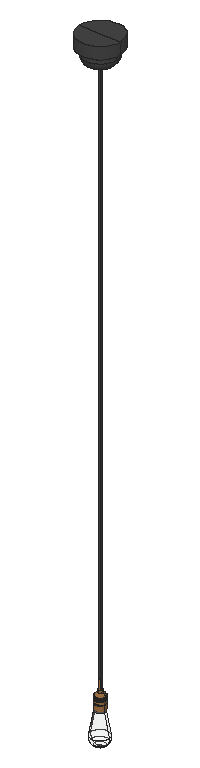
Revit family "SPO-AB MB", category Lighting Fixtures, Revit 2020 (continued)
Definition of nested family "SPO-AB"
  Definition of nested family "SPO-AB HOLDER"
    Automatic sketch dimensions
      plane 1 "Center (Front/Back)" to Extrusion 13 sketch curve = 0' - 0.01316"
      Extrusion 13 sketch curve to plane 6 = 0' - 0.0237"
      Extrusion 14 sketch curve to plane 6 = 0' - 0.02675"
      plane 1 "Center (Front/Back)" to Extrusion 14 sketch curve = 0' - 0.06414"
      Extrusion 15 sketch curve to plane 6 = 0' - 0.0338"
      plane 1 "Center (Front/Back)" to Extrusion 15 sketch curve = 0' - 0.11473"
      Extrusion 16 sketch curve to plane 6 = 0' - 0.04481"
      plane 1 "Center (Front/Back)" to Extrusion 16 sketch curve = 0' - 0.1646"
      Extrusion 17 sketch curve to plane 6 = 0' - 0.05971"
      plane 1 "Center (Front/Back)" to Extrusion 17 sketch curve = 0' - 0.21345"
      Extrusion 18 sketch curve to plane 6 = 0' - 0.07842"
      plane 1 "Center (Front/Back)" to Extrusion 18 sketch curve = 0' - 0.26098"
      Extrusion 19 sketch curve to plane 6 = 0' - 0.1008"
      plane 1 "Center (Front/Back)" to Extrusion 19 sketch curve = 0' - 0.30689"
      Extrusion 20 sketch curve to plane 6 = 0' - 0.12674"
      plane 1 "Center (Front/Back)" to Extrusion 20 sketch curve = 0' - 0.35089"
      Extrusion 21 sketch curve to plane 6 = 0' - 0.15605"
      plane 1 "Center (Front/Back)" to Extrusion 21 sketch curve = 0' - 0.39272"
      Extrusion 22 sketch curve to plane 6 = 0' - 0.18857"
      plane 1 "Center (Front/Back)" to Extrusion 22 sketch curve = 0' - 0.4321"
      Extrusion 23 sketch curve to plane 6 = 0' - 0.22408"
      plane 1 "Center (Front/Back)" to Extrusion 23 sketch curve = 0' - 0.46881"
      Extrusion 24 sketch curve to plane 6 = 0' - 0.26238"
      plane 1 "Center (Front/Back)" to Extrusion 24 sketch curve = 0' - 0.50261"
      Extrusion 25 sketch curve to plane 6 = 0' - 0.30321"
      plane 1 "Center (Front/Back)" to Extrusion 25 sketch curve = 0' - 0.53328"
      plane 3 "Center (Left/Right)" to Extrusion 26 sketch curve = 0' - 0.32554"
      plane 1 "Center (Front/Back)" to Extrusion 26 sketch curve = 0' - 0.56065"
      plane 3 "Center (Left/Right)" to Extrusion 27 sketch curve = 0' - 0.28039"
      plane 1 "Center (Front/Back)" to Extrusion 27 sketch curve = 0' - 0.58454"
      plane 3 "Center (Left/Right)" to Extrusion 28 sketch curve = 0' - 0.23351"
      plane 1 "Center (Front/Back)" to Extrusion 28 sketch curve = 0' - 0.6048"
      plane 3 "Center (Left/Right)" to Extrusion 29 sketch curve = 0' - 0.18517"
      plane 1 "Center (Front/Back)" to Extrusion 29 sketch curve = 0' - 0.6213"
      plane 3 "Center (Left/Right)" to Extrusion 30 sketch curve = 0' - 0.13569"
      plane 1 "Center (Front/Back)" to Extrusion 30 sketch curve = 0' - 0.63395"
      plane 3 "Center (Left/Right)" to Extrusion 31 sketch curve = 0' - 0.08536"
      plane 1 "Center (Front/Back)" to Extrusion 31 sketch curve = 0' - 0.64266"
      plane 3 "Center (Left/Right)" to Extrusion 32 sketch curve = 0' - 0.0345"
      plane 1 "Center (Front/Back)" to Extrusion 32 sketch curve = 0' - 0.64739"
      Extrusion 33 sketch curve to plane 3 "Center (Left/Right)" = 0' - 0.01657"
      plane 1 "Center (Front/Back)" to Extrusion 33 sketch curve = 0' - 0.6481"
      Extrusion 34 sketch curve to plane 3 "Center (Left/Right)" = 0' - 0.06753"
      plane 1 "Center (Front/Back)" to Extrusion 34 sketch curve = 0' - 0.64478"
      Extrusion 35 sketch curve to plane 3 "Center (Left/Right)" = 0' - 0.11808"
      plane 1 "Center (Front/Back)" to Extrusion 35 sketch curve = 0' - 0.63746"
      Extrusion 36 sketch curve to plane 3 "Center (Left/Right)" = 0' - 0.1679"
      plane 1 "Center (Front/Back)" to Extrusion 36 sketch curve = 0' - 0.62619"
      Extrusion 37 sketch curve to plane 3 "Center (Left/Right)" = 0' - 0.21667"
      plane 1 "Center (Front/Back)" to Extrusion 37 sketch curve = 0' - 0.61103"
      Extrusion 38 sketch curve to plane 3 "Center (Left/Right)" = 0' - 0.2641"
      plane 1 "Center (Front/Back)" to Extrusion 38 sketch curve = 0' - 0.59208"
      Extrusion 39 sketch curve to plane 3 "Center (Left/Right)" = 0' - 0.30989"
      plane 1 "Center (Front/Back)" to Extrusion 39 sketch curve = 0' - 0.56945"
      plane 5 to Extrusion 40 sketch curve = 0' - 0.31812"
      plane 1 "Center (Front/Back)" to Extrusion 40 sketch curve = 0' - 0.54329"
      plane 5 to Extrusion 41 sketch curve = 0' - 0.27645"
      plane 1 "Center (Front/Back)" to Extrusion 41 sketch curve = 0' - 0.51375"
      plane 5 to Extrusion 42 sketch curve = 0' - 0.23723"
      plane 1 "Center (Front/Back)" to Extrusion 42 sketch curve = 0' - 0.48103"
      plane 5 to Extrusion 43 sketch curve = 0' - 0.20071"
      plane 1 "Center (Front/Back)" to Extrusion 43 sketch curve = 0' - 0 57/128"
      plane 5 to Extrusion 44 sketch curve = 0' - 0.16712"
      plane 1 "Center (Front/Back)" to Extrusion 44 sketch curve = 0' - 0.40685"
      plane 5 to Extrusion 45 sketch curve = 0' - 0.13666"
      plane 1 "Center (Front/Back)" to Extrusion 45 sketch curve = 0' - 0.36585"
      plane 5 to Extrusion 46 sketch curve = 0' - 0.10952"
      plane 1 "Center (Front/Back)" to Extrusion 46 sketch curve = 0' - 0.32258"
      plane 5 to Extrusion 47 sketch curve = 0' - 0.08587"
      plane 1 "Center (Front/Back)" to Extrusion 47 sketch curve = 0' - 0.27731"
      plane 5 to Extrusion 48 sketch curve = 0' - 0.06586"
      plane 1 "Center (Front/Back)" to Extrusion 48 sketch curve = 0' - 0.23032"
      plane 5 to Extrusion 49 sketch curve = 0' - 0.04961"
      plane 1 "Center (Front/Back)" to Extrusion 49 sketch curve = 0' - 0.1819"
      plane 5 to Extrusion 50 sketch curve = 0' - 0.03722"
      plane 1 "Center (Front/Back)" to Extrusion 50 sketch curve = 0' - 0.13235"
      plane 5 to Extrusion 51 sketch curve = 0' - 0.02877"
      plane 1 "Center (Front/Back)" to Extrusion 51 sketch curve = 0' - 0.08198"
      plane 5 to Extrusion 52 sketch curve = 0' - 0.02431"
      plane 1 "Center (Front/Back)" to Extrusion 52 sketch curve = 0' - 0.0311"
      Extrusion 53 sketch curve to plane 1 "Center (Front/Back)" = 0' - 0.01998"
      plane 5 to Extrusion 53 sketch curve = 0' - 0.02388"
      plane 5 to Extrusion 54 sketch curve = 0' - 0.02746"
      Extrusion 54 sketch curve to plane 1 "Center (Front/Back)" = 0' - 0.07093"
      plane 5 to Extrusion 55 sketch curve = 0' - 0.03504"
      Extrusion 55 sketch curve to plane 1 "Center (Front/Back)" = 0' - 0.12144"
      plane 5 to Extrusion 56 sketch curve = 0' - 0.04658"
      Extrusion 56 sketch curve to plane 1 "Center (Front/Back)" = 0' - 0.17119"
      plane 5 to Extrusion 57 sketch curve = 0' - 0.062"
      Extrusion 57 sketch curve to plane 1 "Center (Front/Back)" = 0' - 0.21988"
      plane 5 to Extrusion 58 sketch curve = 0' - 0.0812"
      Extrusion 58 sketch curve to plane 1 "Center (Front/Back)" = 0' - 0.26721"
      plane 5 to Extrusion 59 sketch curve = 0' - 0.10407"
      Extrusion 59 sketch curve to plane 1 "Center (Front/Back)" = 0' - 0.31288"
      plane 5 to Extrusion 60 sketch curve = 0' - 0.13046"
      Extrusion 60 sketch curve to plane 1 "Center (Front/Back)" = 0' - 0.35661"
      plane 5 to Extrusion 61 sketch curve = 0' - 0.16021"
      Extrusion 61 sketch curve to plane 1 "Center (Front/Back)" = 0' - 0.39812"
      plane 5 to Extrusion 62 sketch curve = 0' - 0.19314"
      Extrusion 62 sketch curve to plane 1 "Center (Front/Back)" = 0' - 0.43717"
      plane 5 to Extrusion 63 sketch curve = 0' - 0.22904"
      Extrusion 63 sketch curve to plane 1 "Center (Front/Back)" = 0' - 0.4735"
      plane 5 to Extrusion 64 sketch curve = 0' - 0.26769"
      Extrusion 64 sketch curve to plane 1 "Center (Front/Back)" = 0' - 0.50689"
      plane 5 to Extrusion 65 sketch curve = 0' - 0.30885"
      Extrusion 65 sketch curve to plane 1 "Center (Front/Back)" = 0' - 0.53713"
      Extrusion 66 sketch curve to plane 3 "Center (Left/Right)" = 0' - 0.31962"
      Extrusion 66 sketch curve to plane 1 "Center (Front/Back)" = 0' - 0.56404"
      Extrusion 67 sketch curve to plane 3 "Center (Left/Right)" = 0' - 0.27422"
      Extrusion 67 sketch curve to plane 1 "Center (Front/Back)" = 0' - 0.58746"
      Extrusion 68 sketch curve to plane 3 "Center (Left/Right)" = 0' - 0.22713"
      Extrusion 68 sketch curve to plane 1 "Center (Front/Back)" = 0' - 0.60722"
      Extrusion 69 sketch curve to plane 3 "Center (Left/Right)" = 0' - 0.17862"
      Extrusion 69 sketch curve to plane 1 "Center (Front/Back)" = 0' - 0.62321"
      Extrusion 70 sketch curve to plane 3 "Center (Left/Right)" = 0' - 0.12901"
      Extrusion 70 sketch curve to plane 1 "Center (Front/Back)" = 0' - 0.63534"
      Extrusion 71 sketch curve to plane 3 "Center (Left/Right)" = 0' - 0.07859"
      Extrusion 71 sketch curve to plane 1 "Center (Front/Back)" = 0' - 0.64353"
      Extrusion 72 sketch curve to plane 3 "Center (Left/Right)" = 0' - 0.02769"
      Extrusion 72 sketch curve to plane 1 "Center (Front/Back)" = 0' - 0.64772"
      plane 3 "Center (Left/Right)" to Extrusion 73 sketch curve = 0' - 0.02339"
      Extrusion 73 sketch curve to plane 1 "Center (Front/Back)" = 0' - 0.64789"
      plane 3 "Center (Left/Right)" to Extrusion 74 sketch curve = 0' - 0.07432"
      Extrusion 74 sketch curve to plane 1 "Center (Front/Back)" = 0' - 0.64403"
      plane 3 "Center (Left/Right)" to Extrusion 75 sketch curve = 0' - 0.12479"
      Extrusion 75 sketch curve to plane 1 "Center (Front/Back)" = 0' - 0.63618"
      plane 3 "Center (Left/Right)" to Extrusion 76 sketch curve = 0' - 0.17448"
      Extrusion 76 sketch curve to plane 1 "Center (Front/Back)" = 0' - 0.62439"
      plane 3 "Center (Left/Right)" to Extrusion 77 sketch curve = 0' - 0.22309"
      Extrusion 77 sketch curve to plane 1 "Center (Front/Back)" = 0' - 0.60871"
      plane 3 "Center (Left/Right)" to Extrusion 78 sketch curve = 0' - 0.27032"
      Extrusion 78 sketch curve to plane 1 "Center (Front/Back)" = 0' - 0.58926"
      plane 3 "Center (Left/Right)" to Extrusion 79 sketch curve = 0' - 0.31587"
      Extrusion 79 sketch curve to plane 1 "Center (Front/Back)" = 0' - 0.56616"
      Extrusion 80 sketch curve to plane 6 = 0' - 0.31242"
      Extrusion 80 sketch curve to plane 1 "Center (Front/Back)" = 0' - 0.53953"
      Extrusion 81 sketch curve to plane 6 = 0' - 0.27106"
      Extrusion 81 sketch curve to plane 1 "Center (Front/Back)" = 0' - 0.50956"
      Extrusion 82 sketch curve to plane 6 = 0' - 0.23219"
      Extrusion 82 sketch curve to plane 1 "Center (Front/Back)" = 0' - 0.47643"
      radius of Extrusion 1 sketch curve = 0' - 0.1524"
  Definition of nested family "light"
    Parameters
      SPB [instance] = yes
      GLASS = none
      Default Elevation = 0' - 0"
      Body [instance] = none
    Reference planes (in)
      plane 1 "Center (Front/Back)": y = 0
      plane 2: z = 0
      plane 3 "Center (Left/Right)": x = 0
      plane 4: z = 3
      plane 5: x = 0.75
      plane 6: x = -0.75
    Forms (in)
      Revolve 1, solid, material <- "GLASS"
        sketch origin (0, 0, -0.00124) x (1, 0, 0) y (0, 0, 1)
          loop
            line (0, 0.00124) -> (-0.47169, 0.00124)
            arc (-0.47169, 0.00124) -> (-0.59465, -0.08077) -> (-0.64543, -0.21957) r 0.23785
            line (-0.64543, -0.21957) -> (-1.18272, -3.03558)
            arc (-1.18272, -3.03558) -> (-1.18535, -3.41114) -> (-1.05444, -3.76315) r 1.04013
            arc (-1.05444, -3.76315) -> (-0.89651, -3.966) -> (-0.69365, -4.12393) r 1.04013
            arc (-0.69365, -4.12393) -> (-0.44112, -4.23419) -> (-0.17715, -4.31325) r 2.2844
            line (-0.17715, -4.31325) -> (-0.02963, -4.36987)
            arc (-0.02963, -4.36987) -> (-0.01545, -4.37654) -> (0, -4.37915) r 0.05766
            line (0, -4.37915) -> (0, -4.34756) -> (-0.27212, -4.27661)
            arc (-0.27212, -4.27661) -> (-0.48406, -4.20538) -> (-0.68798, -4.11367) r 2.27268
            arc (-0.68798, -4.11367) -> (-0.88836, -3.95758) -> (-1.04437, -3.75715) r 1.02841
            arc (-1.04437, -3.75715) -> (-1.17381, -3.4091) -> (-1.17121, -3.03778) r 1.02841
            line (-1.17121, -3.03778) -> (-0.63375, -0.22087)
            arc (-0.63375, -0.22087) -> (-0.60139, -0.11111) -> (-0.51945, -0.03125) r 0.22613
            line (-0.51945, -0.03125) -> (0, -0.03125) -> (0, 0.00124)
          axis (0, 0.00124) -> (0, -4.37915)
        angle from 0 to 360
    Dimensions and locks (in)
      aligned and locked: plane 2 to level
      aligned and locked: Revolve 1 to level
Definition of nested family "E6 26 INCH"
  Parameters (values of type "E6 26 INCH")
    URL = ""
    Placement X axis side [instance] = 2' - 2"
    Model = ""
    Manufacturer = ""
    Light Elevation [instance] = 8' - 4"
    E 6 26 inch [instance] = yes
    Default Elevation = 0' - 0"
    Chain Length [instance] = 0' - 0"
    Body Material [instance] = none
  Reference planes (in)
    plane 1 "Light Source Axis (F/B)": y = 0
    plane 2: z = 0
    plane 3 "Light Source Axis (L/R)": x = 0
    plane 4 "Light Source Elevation": z = 23.125
    plane 5: z = 100
    plane 6: x = -26
    plane 7: z = 99.125
    plane 8: x = -24.12
    plane 9: x = -25.5474
  Forms (in)
    Extrusion 1, void, not visible
      sketch origin (0, 0, 2.38154) x (1, 0, 0) y (0, 0, 1)
        loop
          circle (0, 4.59925) r 0.16583
      from 1.18594 to 1.75
    Extrusion 2, void, not visible
      sketch origin (0, 0, 2.38154) x (0.707107, -0.707107, 0) y (0, 0, 1)
        loop
          circle (0, 4.59925) r 0.16583
      from 1.18594 to 1.75
    Extrusion 3, void, not visible
      sketch origin (0, 0, 2.38154) x (0.707107, 0.707107, 0) y (0, 0, 1)
        loop
          circle (0, 4.59925) r 0.16583
      from 1.18594 to 1.75
    Extrusion 4, void, not visible
      sketch origin (0, 0, 2.38154) x (0, 1, 0) y (0, 0, 1)
        loop
          circle (0, 4.59925) r 0.16583
      from 1.18594 to 1.75
    Extrusion 5, void, not visible
      sketch origin (0, 0, 2.38154) x (-0.707107, 0.707107, 0) y (0, 0, 1)
        loop
          circle (0, 4.59925) r 0.16583
      from 1.18594 to 1.75
    Extrusion 6, void, not visible
      sketch origin (0, 0, 2.38154) x (-1, 0, 0) y (0, 0, 1)
        loop
          circle (0, 4.59925) r 0.20678
      from 1.18594 to 1.75
    Extrusion 7, void, not visible
      sketch origin (0, 0, 2.38154) x (-0.707107, -0.707107, 0) y (0, 0, 1)
        loop
          circle (0, 4.59925) r 0.16583
      from 1.18594 to 1.75
    Extrusion 8, void, not visible
      sketch origin (0, 0, 2.38154) x (0, -1, 0) y (0, 0, 1)
        loop
          circle (0, 4.59925) r 0.16583
      from 1.18594 to 1.75
    Sweep 9, solid, material <- "Body Material", visible <- "E 6 26 inch"
      path origin (-41.25, 0, 168.51693) x (1, 0, 0) y (0, 0, 1)
        loop
          line (17.13, -68.51693) -> (27.68551, -68.51693)
          arc (27.68551, -68.51693) -> (28.47996, -68.34486) -> (29.13202, -67.8595) r 1.92004
          line (29.13202, -67.8595) -> (34.23651, -62.01155)
          arc (34.23651, -62.01155) -> (38.65464, -60.89667) -> (41.25, -64.64193) r 4
          line (41.25, -64.64193) -> (41.25, -69.39193)
      profile origin (-18.84224, 0, 100) x (0, 0, 1) y (0, -1, 0)
        loop
          circle (0, 0) r 0.5
    Revolve 10, solid, material <- "Body Material", visible <- "E 6 26 inch"
      sketch origin (-26, 0, 168.51693) x (1, 0, 0) y (0, 0, 1)
        loop
          line (0, -66.07943) -> (0, -68.51693) -> (1.88, -68.51693) -> (1.88, -67.69272) -> (0.4526, -67.69272) -> (0.4526, -66.54122) -> (0.33125, -66.54122) -> (0.33125, -66.07943) -> (0, -66.07943)
        axis (0, -68.51693) -> (1.88, -68.51693)
      angle from 0 to 360
    Extrusion 11, solid, material <- "Body Material", visible <- "E 6 26 inch"
      sketch origin (-26, 0, 168.51693) x (0, -1, 0) y (0, 0, -1)
        loop
          line (0.25, 68.51693) -> (0.25, 69.51693) -> (-0.25, 69.51693) -> (-0.25, 68.51693) -> (0.25, 68.51693)
      from 0.4526 to 1.88
  Cuts and joins
    joined: Revolve 10, Extrusion 11
  Dimensions and locks (in)
    "Light Elevation": plane 5 to plane 2
    "Placement X axis side": plane 3 "Light Source Axis (L/R)" to plane 6
    locked: plane 5 to plane 7 at 0.875
    Revolve 10 sketch curve to Revolve 10 sketch curve to Revolve 10 sketch curve to plane 6 = 0' - 1.4274" locked, 0' - 0.12135" locked, 0' - 0.33125" locked
    Revolve 10 sketch curve to Revolve 10 sketch curve to Revolve 10 sketch curve to plane 5 = 0' - 0.46179" locked, 0' - 1.1515" locked, 0' - 0 211/256" locked
    locked: Sweep 9 sketch curve to plane 6 at 1.88
    locked: Sweep 9 sketch curve to Sweep 9 sketch curve at 10.55551
    locked: Sweep 9 sketch curve to Sweep 9 sketch curve at 13.56449
    locked: Sweep 9 sketch curve to Sweep 9 sketch curve at 4.75
    locked: plane 9 to plane 6 at 0.4526
    locked: plane 8 to plane 9 at 1.4274
    aligned and locked: level to plane 2
    aligned and locked: Revolve 10 sketch curve to plane 6
    aligned and locked: plane 5 to Revolve 10 sketch curve
    aligned and locked: Revolve 10 sketch curve to plane 5
    aligned and locked: cut or joined group of Revolve 10, Extrusion 11 to plane 9
    aligned and locked: plane 8 to cut or joined group of Revolve 10, Extrusion 11
  Automatic sketch dimensions
    Sweep 9 sketch curve to plane 5 = 0' - 0"
    Sweep 9 sketch curve to Sweep 9 sketch curve = 0' - 4"
    Sweep 9 sketch curve to Sweep 9 sketch curve = 0' - 3.01349"
    plane 5 to Sweep 9 sketch curve = 0' - 0.65743"
    Sweep 9 sketch curve to Sweep 9 sketch curve = 0' - 1.4465"
    Sweep 9 sketch curve to plane 5 = 0' - 0 7/8"
    profile plane to Sweep 9 sketch curve = 0' - 0"
    Sweep 9 sketch curve to profile plane = 0' - 0"
    plane 6 to Revolve 10 sketch curve = 0' - 0.62562"
    Revolve 10 sketch curve to Revolve 10 sketch curve = 0' - 0 1/2"
    Extrusion 11 sketch curve to plane 5 = 0' - 0"
    plane 1 "Light Source Axis (F/B)" to Extrusion 11 sketch curve = 0' - 0 1/4"
    Extrusion 11 sketch curve to plane 1 "Light Source Axis (F/B)" = 0' - 0 1/4"
    plane 5 to Extrusion 11 sketch curve = 0' - 1"
    radius of Sweep 9 sketch curve = 0' - 0 1/2"
Definition of nested family "E7 41 INCH"
  Parameters (values of type "E7 41 INCH")
    URL = ""
    Placement X axis side [instance] = 4' - 2"
    Model = ""
    Manufacturer = ""
    Light Elevation [instance] = 8' - 4"
    E7 41 inch [instance] = yes
    Default Elevation = 0' - 0"
    Chain Length [instance] = 0' - 0"
    Body Material [instance] = none
  Reference planes (in)
    plane 1 "Light Source Axis (F/B)": y = 0
    plane 2: z = 0
    plane 3 "Light Source Axis (L/R)": x = 0
    plane 4 "Light Source Elevation": z = 23.125
    plane 5: z = 100
    plane 6: x = -50
  Forms (in)
    Extrusion 1, void, not visible
      sketch origin (0, 0, 2.38154) x (1, 0, 0) y (0, 0, 1)
        loop
          circle (0, 4.59925) r 0.16583
      from 1.18594 to 1.75
    Extrusion 2, void, not visible
      sketch origin (0, 0, 2.38154) x (0.707107, -0.707107, 0) y (0, 0, 1)
        loop
          circle (0, 4.59925) r 0.16583
      from 1.18594 to 1.75
    Extrusion 3, void, not visible
      sketch origin (0, 0, 2.38154) x (0.707107, 0.707107, 0) y (0, 0, 1)
        loop
          circle (0, 4.59925) r 0.16583
      from 1.18594 to 1.75
    Extrusion 4, void, not visible
      sketch origin (0, 0, 2.38154) x (0, 1, 0) y (0, 0, 1)
        loop
          circle (0, 4.59925) r 0.16583
      from 1.18594 to 1.75
    Extrusion 5, void, not visible
      sketch origin (0, 0, 2.38154) x (-0.707107, 0.707107, 0) y (0, 0, 1)
        loop
          circle (0, 4.59925) r 0.16583
      from 1.18594 to 1.75
    Extrusion 6, void, not visible
      sketch origin (0, 0, 2.38154) x (-1, 0, 0) y (0, 0, 1)
        loop
          circle (0, 4.59925) r 0.20678
      from 1.18594 to 1.75
    Extrusion 7, void, not visible
      sketch origin (0, 0, 2.38154) x (-0.707107, -0.707107, 0) y (0, 0, 1)
        loop
          circle (0, 4.59925) r 0.16583
      from 1.18594 to 1.75
    Extrusion 8, void, not visible
      sketch origin (0, 0, 2.38154) x (0, -1, 0) y (0, 0, 1)
        loop
          circle (0, 4.59925) r 0.16583
      from 1.18594 to 1.75
    Revolve 9, solid, material <- "Body Material", visible <- "E7 41 inch"
      sketch origin (-41.25, 0, 168.39193) x (1, 0, 0) y (0, 0, 1)
        loop
          line (-8.75, -66.20443) -> (-8.75, -68.51693) -> (-6.87, -68.51693) -> (-6.87, -67.69272) -> (-8.2974, -67.69272) -> (-8.2974, -66.54122) -> (-8.41875, -66.54122) -> (-8.41875, -66.20443) -> (-8.75, -66.20443)
        axis (-8.75, -68.51693) -> (-6.87, -68.51693)
      angle from 0 to 360
    Extrusion 10, solid, material <- "Body Material", visible <- "E7 41 inch"
      sketch origin (-41.25, 0, 168.39193) x (0, -1, 0) y (0, 0, -1)
        loop
          line (0.25, 68.51693) -> (0.25, 69.51693) -> (-0.25, 69.51693) -> (-0.25, 68.51693) -> (0.25, 68.51693)
      from -8.2974 to -6.87
    Sweep 11, solid, material <- "Body Material", visible <- "E7 41 inch"
      path origin (-41.25, 0, 168.39193) x (1, 0, 0) y (0, 0, 1)
        loop
          line (-6.87, -68.51693) -> (16.04011, -68.51693)
          arc (16.04011, -68.51693) -> (17.864, -68.13651) -> (19.38375, -67.0587) r 4.5625
          line (19.38375, -67.0587) -> (24.70217, -61.33018)
          arc (24.70217, -61.33018) -> (29.64465, -60.20324) -> (32.5, -64.39193) r 4.5
          line (32.5, -64.39193) -> (32.5, -68.39193)
      profile origin (-36.66494, 0, 99.875) x (0, 0, 1) y (0, -1, 0)
        loop
          circle (0, 0) r 0.5
  Dimensions and locks (in)
    "Placement X axis side": plane 3 "Light Source Axis (L/R)" to plane 6
    "Light Elevation": plane 5 to plane 2
    locked: Revolve 9 sketch curve to Revolve 9 sketch curve at 0.33125
    locked: Revolve 9 sketch curve to Revolve 9 sketch curve at 0.4526
    locked: Revolve 9 sketch curve to Revolve 9 sketch curve at 1.88
    locked: Revolve 9 sketch curve to Revolve 9 sketch curve at 0.82421
    locked: Revolve 9 sketch curve to Revolve 9 sketch curve at 1.1515
    locked: Revolve 9 sketch curve to Revolve 9 sketch curve at 0.33679
    locked: plane 5 to Revolve 9 sketch curve at 0.125
    locked: Extrusion 10 sketch curve to Extrusion 10 sketch curve at 0.5
    locked: Extrusion 10 sketch curve to Extrusion 10 sketch curve at 1
    locked: plane 5 to Extrusion 10 sketch curve at 0.125
    locked: plane 5 to Sweep 11 sketch curve at 0.125
    locked: Sweep 11 sketch curve to Sweep 11 sketch curve at 39.37
    locked: Sweep 11 sketch curve to Sweep 11 sketch curve at 4
    locked: plane 6 to Extrusion 10 at 0.4526
    locked: Sweep 11 sketch curve to plane 6 at 1.88
    locked: Extrusion 10 to Extrusion 10 at 1.4274
    aligned and locked: plane 2 to level
    aligned and locked: Revolve 9 sketch curve to plane 6
  Automatic sketch dimensions
    Revolve 9 sketch curve to plane 5 = 0' - 0 1/8"
    plane 6 to Revolve 9 sketch curve = 0' - 0.62562"
    Revolve 9 sketch curve to Revolve 9 sketch curve = 0' - 0 1/2"
    plane 1 "Light Source Axis (F/B)" to Extrusion 10 sketch curve = 0' - 0 1/4"
    Sweep 11 sketch curve to plane 5 = 0' - 0"
    Sweep 11 sketch curve to Sweep 11 sketch curve = 0' - 4 1/2"
    Sweep 11 sketch curve to Sweep 11 sketch curve = 0' - 3.29783"
    plane 5 to Sweep 11 sketch curve = 0' - 1.33323"
    Sweep 11 sketch curve to Sweep 11 sketch curve = 0' - 5.31842"
    Sweep 11 sketch curve to Sweep 11 sketch curve = 0' - 3.34364"
    profile plane to Sweep 11 sketch curve = 0' - 0"
    Sweep 11 sketch curve to profile plane = 0' - 0"
    radius of Sweep 11 sketch curve = 0' - 0 1/2"
Definition of nested family "E36 20 INCH"
  Parameters (values of type "E36 20 INCH")
    URL = ""
    Placement X axis side [instance] = 1' - 8 1/4"
    Model = ""
    Manufacturer = ""
    Light Elevation [instance] = 8' - 4"
    E36 20 inch [instance] = yes
    Default Elevation = 0' - 0"
    Chain Length [instance] = 0' - 0"
    Body Material [instance] = none
  Reference planes (in)
    plane 1 "Light Source Axis (F/B)": y = 0
    plane 2: z = 0
    plane 3 "Light Source Axis (L/R)": x = 0
    plane 4 "Light Source Elevation": z = 23.125
    plane 5: z = 99
    plane 6: x = -20.25
    plane 7: z = 100
    plane 8: x = -18.37008
    plane 9: x = -19.79724
  Forms (in)
    Extrusion 1, void, not visible
      sketch origin (0, 0, 2.38154) x (1, 0, 0) y (0, 0, 1)
        loop
          circle (0, 4.59925) r 0.16583
      from 1.18594 to 1.75
    Extrusion 2, void, not visible
      sketch origin (0, 0, 2.38154) x (0.707107, -0.707107, 0) y (0, 0, 1)
        loop
          circle (0, 4.59925) r 0.16583
      from 1.18594 to 1.75
    Extrusion 3, void, not visible
      sketch origin (0, 0, 2.38154) x (0.707107, 0.707107, 0) y (0, 0, 1)
        loop
          circle (0, 4.59925) r 0.16583
      from 1.18594 to 1.75
    Extrusion 4, void, not visible
      sketch origin (0, 0, 2.38154) x (0, 1, 0) y (0, 0, 1)
        loop
          circle (0, 4.59925) r 0.16583
      from 1.18594 to 1.75
    Extrusion 5, void, not visible
      sketch origin (0, 0, 2.38154) x (-0.707107, 0.707107, 0) y (0, 0, 1)
        loop
          circle (0, 4.59925) r 0.16583
      from 1.18594 to 1.75
    Extrusion 6, void, not visible
      sketch origin (0, 0, 2.38154) x (-1, 0, 0) y (0, 0, 1)
        loop
          circle (0, 4.59925) r 0.20678
      from 1.18594 to 1.75
    Extrusion 7, void, not visible
      sketch origin (0, 0, 2.38154) x (-0.707107, -0.707107, 0) y (0, 0, 1)
        loop
          circle (0, 4.59925) r 0.16583
      from 1.18594 to 1.75
    Extrusion 8, void, not visible
      sketch origin (0, 0, 2.38154) x (0, -1, 0) y (0, 0, 1)
        loop
          circle (0, 4.59925) r 0.16583
      from 1.18594 to 1.75
    Sweep 9, solid, material <- "Body Material", visible <- "E36 20 inch"
      path origin (-41.25, 0, 169.51693) x (1, 0, 0) y (0, 0, 1)
        loop
          line (22.88, -69.51693) -> (28.93827, -69.51693)
          arc (28.93827, -69.51693) -> (29.97705, -69.28152) -> (30.81284, -68.62128) r 2.40953
          line (30.81284, -68.62128) -> (34.13807, -64.50378)
          arc (34.13807, -64.50378) -> (38.58272, -63.24548) -> (41.25, -67.01693) r 4
          line (41.25, -67.01693) -> (41.25, -70.51693)
      profile origin (-15.34086, 0, 100) x (0, 0, 1) y (0, -1, 0)
        loop
          circle (0, 0) r 0.5
    Revolve 10, solid, material <- "Body Material", visible <- "E36 20 inch"
      sketch origin (-20.25, 0, 169.51693) x (1, 0, 0) y (0, 0, 1)
        loop
          line (0, -67.20443) -> (0, -69.51693) -> (1.88, -69.51693) -> (1.88, -68.69272) -> (0.4526, -68.69272) -> (0.4526, -67.54122) -> (0.33125, -67.54122) -> (0.33125, -67.20443) -> (0, -67.20443)
        axis (0, -69.51693) -> (1.88, -69.51693)
      angle from 0 to 360
    Extrusion 11, solid, material <- "Body Material", visible <- "E36 20 inch"
      sketch origin (-20.25, 0, 169.51693) x (0, -1, 0) y (0, 0, -1)
        loop
          line (0.25, 69.51693) -> (0.25, 70.51693) -> (-0.25, 70.51693) -> (-0.25, 69.51693) -> (0.25, 69.51693)
      from 1.87992 to 0.45276
  Cuts and joins
    joined: Revolve 10, Extrusion 11
  Dimensions and locks (in)
    "Light Elevation": plane 7 to plane 2
    "Placement X axis side": plane 3 "Light Source Axis (L/R)" to plane 6
    locked: plane 7 to plane 5 at 1
    Revolve 10 sketch curve to Revolve 10 sketch curve to Revolve 10 sketch curve to plane 7 = 0' - 0.33679" locked, 0' - 1.1515" locked, 0' - 0 211/256" locked
    locked: Sweep 9 sketch curve to plane 6 at 1.88
    locked: Sweep 9 sketch curve to Sweep 9 sketch curve at 6.05827
    locked: Sweep 9 sketch curve to Sweep 9 sketch curve at 12.31173
    locked: Sweep 9 sketch curve to Sweep 9 sketch curve at 3.5
    Revolve 10 sketch curve to Revolve 10 sketch curve to Revolve 10 sketch curve to plane 6 = 0' - 1.4274" locked, 0' - 0.12135" locked, 0' - 0.33125" locked
    locked: plane 9 to plane 6 at 0.45276
    locked: plane 8 to plane 9 at 1.42717
    aligned and locked: level to plane 2
    aligned and locked: plane 7 to Revolve 10 sketch curve
    aligned and locked: Revolve 10 sketch curve to plane 7
    aligned and locked: Revolve 10 sketch curve to plane 6
    aligned and locked: cut or joined group of Revolve 10, Extrusion 11 to plane 9
    aligned and locked: plane 8 to cut or joined group of Revolve 10, Extrusion 11
  Automatic sketch dimensions
    Sweep 9 sketch curve to plane 7 = 0' - 0"
    Sweep 9 sketch curve to plane 5 = 0' - 0"
    Sweep 9 sketch curve to Sweep 9 sketch curve = 0' - 4"
    Sweep 9 sketch curve to plane 7 = 0' - 0.89565"
    Sweep 9 sketch curve to Sweep 9 sketch curve = 0' - 3.32523"
    Sweep 9 sketch curve to Sweep 9 sketch curve = 0' - 1.87457"
    profile plane to Sweep 9 sketch curve = 0' - 0"
    Sweep 9 sketch curve to profile plane = 0' - 0"
    plane 6 to Revolve 10 sketch curve = 0' - 0.62562"
    Revolve 10 sketch curve to Revolve 10 sketch curve = 0' - 0 1/2"
    plane 7 to Extrusion 11 sketch curve = 0' - 0"
    Extrusion 11 sketch curve to plane 5 = 0' - 0"
    plane 1 "Light Source Axis (F/B)" to Extrusion 11 sketch curve = 0' - 0 1/4"
    Extrusion 11 sketch curve to plane 1 "Light Source Axis (F/B)" = 0' - 0 1/4"
    radius of Sweep 9 sketch curve = 0' - 0 1/2"
Definition of nested family "POST MOUNT"
  Parameters (values of type "POST MOUNT")
    URL = ""
    Post Mount [instance] = yes
    Placement X axis side [instance] = 2' - 2 1/2"
    Model = ""
    Manufacturer = ""
    Light Elevation [instance] = 14' - 0.5168"
    Default Elevation = 0' - 0"
    Chain Length [instance] = 0' - 0"
    Body Material [instance] = none
  Reference planes (in)
    plane 1 "Light Source Axis (F/B)": y = 0
    plane 2: z = 0
    plane 3 "Light Source Axis (L/R)": x = 0
    plane 4 "Light Source Elevation": z = 23.125
    plane 5: x = -26.5
    plane 6: z = 168.5168
  Forms (in)
    Extrusion 1, void, not visible
      sketch origin (0, 0, 2.38154) x (1, 0, 0) y (0, 0, 1)
        loop
          circle (0, 4.59925) r 0.16583
      from 1.18594 to 1.75
    Extrusion 2, void, not visible
      sketch origin (0, 0, 2.38154) x (0.707107, -0.707107, 0) y (0, 0, 1)
        loop
          circle (0, 4.59925) r 0.16583
      from 1.18594 to 1.75
    Extrusion 3, void, not visible
      sketch origin (0, 0, 2.38154) x (0.707107, 0.707107, 0) y (0, 0, 1)
        loop
          circle (0, 4.59925) r 0.16583
      from 1.18594 to 1.75
    Extrusion 4, void, not visible
      sketch origin (0, 0, 2.38154) x (0, 1, 0) y (0, 0, 1)
        loop
          circle (0, 4.59925) r 0.16583
      from 1.18594 to 1.75
    Extrusion 5, void, not visible
      sketch origin (0, 0, 2.38154) x (-0.707107, 0.707107, 0) y (0, 0, 1)
        loop
          circle (0, 4.59925) r 0.16583
      from 1.18594 to 1.75
    Extrusion 6, void, not visible
      sketch origin (0, 0, 2.38154) x (-1, 0, 0) y (0, 0, 1)
        loop
          circle (0, 4.59925) r 0.20678
      from 1.18594 to 1.75
    Extrusion 7, void, not visible
      sketch origin (0, 0, 2.38154) x (-0.707107, -0.707107, 0) y (0, 0, 1)
        loop
          circle (0, 4.59925) r 0.16583
      from 1.18594 to 1.75
    Extrusion 8, void, not visible
      sketch origin (0, 0, 2.38154) x (0, -1, 0) y (0, 0, 1)
        loop
          circle (0, 4.59925) r 0.16583
      from 1.18594 to 1.75
    Revolve 9, solid, material <- "Body Material", visible <- "Post Mount"
      sketch origin (-7.90508, 0, 0) x (1, 0, 0) y (0, 0, 1)
        loop
          line (-18.59492, 3.92912) -> (-16.29831, 3.92912) -> (-16.29831, 4.2668) -> (-16.91413, 4.2668) -> (-16.91413, 134.5168) -> (-17.16413, 134.5168) -> (-17.16413, 137.3918) -> (-17.05979, 137.3918)
          arc (-17.05979, 137.3918) -> (-16.93479, 137.5168) -> (-17.05979, 137.6418) r 0.125
          line (-17.05979, 137.6418) -> (-17.48032, 137.6418) -> (-17.48032, 139.0793) -> (-17.73032, 139.0793) -> (-17.73032, 139.5793) -> (-18.59492, 139.5793) -> (-18.59492, 3.92912)
        axis (-18.59492, 139.5793) -> (-18.59492, 3.92912)
      angle from 0 to 360
    Extrusion 10, solid, material <- "Body Material", visible <- "Post Mount"
      sketch origin (0, 0, 0) x (1, 0, 0) y (0, 1, 0)
        loop
          line (-20.5, 5.93079) -> (-32.5, 5.93079) -> (-32.5, -6.06921) -> (-20.5, -6.06921) -> (-20.5, 5.93079)
      from 0 to 3.92912
    Sweep 11, solid, material <- "Body Material", visible <- "Post Mount"
      path origin (0, 0, 48.5) x (1, 0, 0) y (0, 0, 1)
        loop
          line (0, 120.0168) -> (0, 128.0168)
          arc (0, 128.0168) -> (-13.25, 141.2668) -> (-26.5, 128.0168) r 13.25
          line (-26.5, 128.0168) -> (-26.5, 91.0793)
      profile origin (0, 0, 172.5168) x (-1, 0, 0) y (0, -1, 0)
        loop
          circle (0, 0) r 0.5
    Revolve 12, solid, material <- "Body Material", visible <- "Post Mount"
      sketch origin (0, 0, 0) x (1, 0, 0) y (0, 0, 1)
        loop
          line (0, 168.5168) -> (0.75, 168.5168) -> (0.75, 170.7668) -> (0, 170.7668) -> (0, 168.5168)
        axis (0, 170.7668) -> (0, 168.5168)
      angle from 0 to 360
  Cuts and joins
    joined: Revolve 9, Extrusion 10, Sweep 11, Revolve 12
  Dimensions and locks (in)
    "Placement X axis side": plane 3 "Light Source Axis (L/R)" to plane 5
    "Light Elevation": plane 6 to plane 2
    locked: Revolve 12 sketch curve to plane 5 at 26.5  (x2)
    locked: Revolve 9 sketch curve to plane 2 at 3.92912
    locked: Revolve 9 sketch curve to plane 5 at 2.29661
    locked: Revolve 9 sketch curve to plane 5 at 1.68079
    locked: Revolve 9 sketch curve to plane 5 at 1.43079
    locked: Revolve 9 sketch curve to plane 5 at 1.11461
    locked: Revolve 9 sketch curve to plane 5 at 0.86461
    locked: Revolve 9 sketch curve to Revolve 9 sketch curve at 130.58768
    locked: Revolve 9 sketch curve to Revolve 9 sketch curve at 2.875
    locked: Revolve 9 sketch curve to Revolve 9 sketch curve at 0.25
    locked: Revolve 9 sketch curve to Revolve 9 sketch curve at 1.4375
    locked: Revolve 9 sketch curve to Revolve 9 sketch curve at 0.5
    locked: Sweep 11 sketch curve to Sweep 11 sketch curve at 26.5
    locked: Revolve 12 sketch curve to Revolve 12 sketch curve at 0.75
    locked: cut or joined group of Revolve 9, Extrusion 10, Sweep 11, Revolve 12 to plane 2 at 139.5793
    aligned and locked: level to plane 2
    aligned and locked: plane 5 to Sweep 11 sketch curve
    aligned and locked: Revolve 9 sketch curve to plane 5
  Automatic sketch dimensions
    Revolve 9 sketch curve to plane 5 = 0' - 0"
    Revolve 9 sketch curve to Revolve 9 sketch curve = 0' - 0.10434"
    Revolve 9 sketch curve to Revolve 9 sketch curve = 0' - 0.33768"
    Revolve 9 sketch curve to Revolve 9 sketch curve = 0' - 0 1/4"
    Revolve 9 sketch curve to Revolve 9 sketch curve = 0' - 0 7/16"
    Extrusion 10 sketch curve to plane 5 = 0' - 6"
    plane 5 to Extrusion 10 sketch curve = 0' - 6"
    plane 1 "Light Source Axis (F/B)" to Extrusion 10 sketch curve = 0' - 6.06921"
    Extrusion 10 sketch curve to plane 1 "Light Source Axis (F/B)" = 0' - 5.93079"
    Sweep 11 sketch curve to profile plane = 0' - 0"
    profile plane to Sweep 11 sketch curve = 0' - 0"
    Sweep 11 sketch curve to plane 6 = 0' - 0"
    Sweep 11 sketch curve to plane 6 = 0' - 8"
    plane 6 to Sweep 11 sketch curve = 2' - 4 15/16"
    Revolve 12 sketch curve to plane 6 = 0' - 0"
    Revolve 12 sketch curve to plane 6 = 0' - 2 1/4"
    Revolve 12 sketch curve to Revolve 12 sketch curve = 0' - 0 1/2"
    Revolve 12 sketch curve to Revolve 12 sketch curve = 0' - 0"
    radius of Sweep 11 sketch curve = 0' - 0 1/2"
